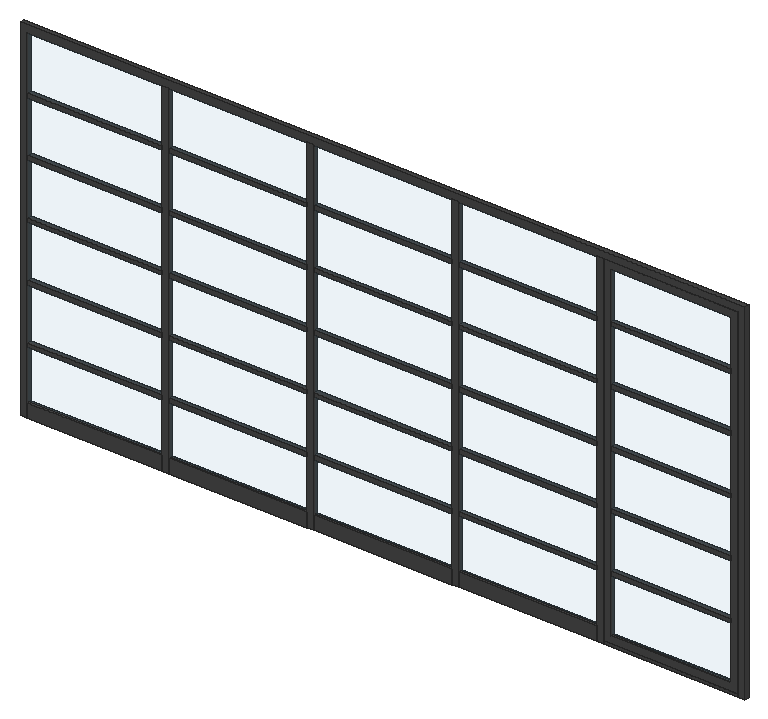
Revit family "DAL_A3-TAS05-(4)", category Doors, host Wall, Revit 2016
Family settings
  Host = Wall
  Always vertical = Yes
  Cut with Voids When Loaded = No
  Shared = No
  Room Calculation Point = No
Parameters (values of type "TAS05")
  Hand [instance] = ""
  Function = Interior
  Frame Projection Ext. = 25 mm
  Frame Projection Int. = 25 mm
  Frame Width = 75 mm
  Height = 2550 mm
  Wall Closure = By host
  Width = 5250 mm
  Description = "Purpose Made"
  Construction Type = "TAS05"
  Assembly Code = ""
Reference planes
  plane 1 "Center Wall": y = 0
  plane 2 "Center (Left/Right)": x = 0
  plane 3 "Left": x = -2625
  plane 4 "Right": x = 2625
  plane 5: z = 2550
  plane 6 "Exterior": y = 172.5
  plane 7 "Interior": y = -172.5
  plane 8: x = 1575
  plane 9: x = -1575
  plane 10: z = 1285
  plane 11: z = 1690
  plane 12: z = 2095
  plane 13: z = 475
  plane 14: z = 880
  plane 15: z = 2500
  plane 16: z = 70
  plane 17: x = -525
  plane 18: x = 525
Forms (mm)
  Sweep 1, solid, material "Aluminium"
    path origin (0, 0, 0) x (1, 0, 0) y (0, 0, 1)
      loop
        line (2625, 0) -> (2625, 2550) -> (-2625, 2550) -> (-2625, 0)
    profile origin (0, 0, 2550) x (0, 0, -1) y (0, -1, 0)
      loop
        line (0, -15) -> (50, -15) -> (50, 15) -> (0, 15) -> (0, -15)
  Sweep 2, solid, material "Aluminium"
    path origin (0, 0, 0) x (1, 0, 0) y (0, 0, 1)
      loop
        line (1550, 0) -> (550, 0)
    profile origin (1050, 0, 0) x (0, 0, -1) y (0, -1, 0)
      loop
        line (0, -15) -> (0, 15) -> (-100, 15) -> (-100, -15) -> (0, -15)
  Sweep 3, solid, material "Aluminium"
    path origin (0, 0, 0) x (1, 0, 0) y (0, 0, 1)
      loop
        line (1575, 2500) -> (1575, 0)
    profile origin (1575, 0, 1250) x (0, -1, 0) y (1, 0, 0)
      loop
        line (-15, 25) -> (-15, -25) -> (15, -25) -> (15, 25) -> (-15, 25)
  Sweep 4, solid, material "Aluminium"
    path origin (-2100, 0, 0) x (1, 0, 0) y (0, 0, 1)
      loop
        line (500, 0) -> (-475, 0)
    profile origin (-2087.5, 0, 0) x (0, 0, -1) y (0, -1, 0)
      loop
        line (0, -15) -> (0, 15) -> (-100, 15) -> (-100, -15) -> (0, -15)
  Sweep 5, solid, material "Aluminium"
    path origin (-525, 0, 0) x (1, 0, 0) y (0, 0, 1)
      loop
        line (1050, 2500) -> (1050, 0)
    profile origin (525, 0, 1250) x (0, -1, 0) y (1, 0, 0)
      loop
        line (-15, 25) -> (-15, -25) -> (15, -25) -> (15, 25) -> (-15, 25)
  Sweep 6, solid, material "Aluminium"
    path origin (-2100, 0, 0) x (1, 0, 0) y (0, 0, 1)
      loop
        line (525, 2500) -> (525, 0)
    profile origin (-1575, 0, 1250) x (0, -1, 0) y (1, 0, 0)
      loop
        line (-15, 25) -> (-15, -25) -> (15, -25) -> (15, 25) -> (-15, 25)
  Sweep 7, solid, material "Aluminium"
    path origin (1025, 0, 0) x (1, 0, 0) y (0, 0, 1)
      loop
        line (1550, 0) -> (575, 0)
    profile origin (2087.5, 0, 0) x (0, 0, -1) y (0, -1, 0)
      loop
        line (0, -15) -> (0, 15) -> (-20, 15) -> (-20, -15) -> (0, -15)
  Sweep 8, solid, material "Aluminium"
    path origin (0, 0, 0) x (1, 0, 0) y (0, 0, 1)
      loop
        line (2575, 2500) -> (1600, 2500) -> (1600, 20) -> (2575, 20) -> (2575, 2500)
    profile origin (2087.5, 0, 2500) x (0, 0, -1) y (0, -1, 0)
      loop
        line (0, -15) -> (50, -15) -> (50, 15) -> (0, 15) -> (0, -15)
  Sweep 9, solid, material "Aluminium"
    path origin (0, 0, 0) x (1, 0, 0) y (0, 0, 1)
      loop
        line (2525, 2095) -> (1650, 2095)
    profile origin (2087.5, 0, 2095) x (0, 0, -1) y (0, -1, 0)
      loop
        line (15, -15) -> (15, 15) -> (-15, 15) -> (-15, -15) -> (15, -15)
  Sweep 10, solid, material "Aluminium"
    path origin (-975, 0, 0) x (1, 0, 0) y (0, 0, 1)
      loop
        line (2525, 2095) -> (1525, 2095)
    profile origin (1050, 0, 2095) x (0, 0, -1) y (0, -1, 0)
      loop
        line (15, -15) -> (15, 15) -> (-15, 15) -> (-15, -15) -> (15, -15)
  Sweep 11, solid, material "Aluminium"
    path origin (-3075, 0, 0) x (1, 0, 0) y (0, 0, 1)
      loop
        line (1475, 2095) -> (500, 2095)
    profile origin (-2087.5, 0, 2095) x (0, 0, -1) y (0, -1, 0)
      loop
        line (15, -15) -> (15, 15) -> (-15, 15) -> (-15, -15) -> (15, -15)
  Sweep 12, solid, material "Aluminium"
    path origin (0, 0, -400) x (1, 0, 0) y (0, 0, 1)
      loop
        line (2525, 2090) -> (1650, 2090)
    profile origin (2087.5, 0, 1690) x (0, 0, -1) y (0, -1, 0)
      loop
        line (15, -15) -> (15, 15) -> (-15, 15) -> (-15, -15) -> (15, -15)
  Sweep 13, solid, material "Aluminium"
    path origin (-3075, 0, -400) x (1, 0, 0) y (0, 0, 1)
      loop
        line (1475, 2090) -> (500, 2090)
    profile origin (-2087.5, 0, 1690) x (0, 0, -1) y (0, -1, 0)
      loop
        line (15, -15) -> (15, 15) -> (-15, 15) -> (-15, -15) -> (15, -15)
  Sweep 14, solid, material "Aluminium"
    path origin (0, 0, -800) x (1, 0, 0) y (0, 0, 1)
      loop
        line (2525, 2085) -> (1650, 2085)
    profile origin (2087.5, 0, 1285) x (0, 0, -1) y (0, -1, 0)
      loop
        line (15, -15) -> (15, 15) -> (-15, 15) -> (-15, -15) -> (15, -15)
  Sweep 15, solid, material "Aluminium"
    path origin (-3075, 0, -800) x (1, 0, 0) y (0, 0, 1)
      loop
        line (1475, 2085) -> (500, 2085)
    profile origin (-2087.5, 0, 1285) x (0, 0, -1) y (0, -1, 0)
      loop
        line (15, -15) -> (15, 15) -> (-15, 15) -> (-15, -15) -> (15, -15)
  Sweep 16, solid, material "Aluminium"
    path origin (0, 0, -1200) x (1, 0, 0) y (0, 0, 1)
      loop
        line (2525, 2080) -> (1650, 2080)
    profile origin (2087.5, 0, 880) x (0, 0, -1) y (0, -1, 0)
      loop
        line (15, -15) -> (15, 15) -> (-15, 15) -> (-15, -15) -> (15, -15)
  Sweep 17, solid, material "Aluminium"
    path origin (-3075, 0, -1200) x (1, 0, 0) y (0, 0, 1)
      loop
        line (1475, 2080) -> (500, 2080)
    profile origin (-2087.5, 0, 880) x (0, 0, -1) y (0, -1, 0)
      loop
        line (15, -15) -> (15, 15) -> (-15, 15) -> (-15, -15) -> (15, -15)
  Sweep 18, solid, material "Aluminium"
    path origin (0, 0, -1600) x (1, 0, 0) y (0, 0, 1)
      loop
        line (2525, 2075) -> (1650, 2075)
    profile origin (2087.5, 0, 475) x (0, 0, -1) y (0, -1, 0)
      loop
        line (15, -15) -> (15, 15) -> (-15, 15) -> (-15, -15) -> (15, -15)
  Sweep 19, solid, material "Aluminium"
    path origin (-3075, 0, -1600) x (1, 0, 0) y (0, 0, 1)
      loop
        line (1475, 2075) -> (500, 2075)
    profile origin (-2087.5, 0, 475) x (0, 0, -1) y (0, -1, 0)
      loop
        line (15, -15) -> (15, 15) -> (-15, 15) -> (-15, -15) -> (15, -15)
  Extrusion 20, solid, material "Glass"
    sketch origin (0, 0, 0) x (1, 0, 0) y (0, 0, 1)
      loop
        line (2525, 70) -> (2525, 2450) -> (1650, 2450) -> (1650, 70) -> (2525, 70)
    from -6 to 6
  Extrusion 21, solid, material "Glass"
    sketch origin (-975, 0, 50) x (1, 0, 0) y (0, 0, 1)
      loop
        line (2525, 50) -> (2525, 2450) -> (-1600, 2450) -> (-1600, 50) -> (2525, 50)
    from -6 to 6
  Sweep 22, solid, material "Aluminium"
    path origin (-1575, 0, 0) x (1, 0, 0) y (0, 0, 1)
      loop
        line (1050, 2500) -> (1050, 0)
    profile origin (-525, 0, 1250) x (0, -1, 0) y (1, 0, 0)
      loop
        line (-15, 25) -> (-15, -25) -> (15, -25) -> (15, 25) -> (-15, 25)
  Sweep 23, solid, material "Aluminium"
    path origin (-2025, 0, 0) x (1, 0, 0) y (0, 0, 1)
      loop
        line (2525, 2095) -> (1525, 2095)
    profile origin (0, 0, 2095) x (0, 0, -1) y (0, -1, 0)
      loop
        line (15, -15) -> (15, 15) -> (-15, 15) -> (-15, -15) -> (15, -15)
  Sweep 24, solid, material "Aluminium"
    path origin (-3075, 0, 0) x (1, 0, 0) y (0, 0, 1)
      loop
        line (2525, 2095) -> (1525, 2095)
    profile origin (-1050, 0, 2095) x (0, 0, -1) y (0, -1, 0)
      loop
        line (15, -15) -> (15, 15) -> (-15, 15) -> (-15, -15) -> (15, -15)
  Sweep 25, solid, material "Aluminium"
    path origin (-975, 0, -405) x (1, 0, 0) y (0, 0, 1)
      loop
        line (2525, 2095) -> (1525, 2095)
    profile origin (1050, 0, 1690) x (0, 0, -1) y (0, -1, 0)
      loop
        line (15, -15) -> (15, 15) -> (-15, 15) -> (-15, -15) -> (15, -15)
  Sweep 26, solid, material "Aluminium"
    path origin (-2025, 0, -405) x (1, 0, 0) y (0, 0, 1)
      loop
        line (2525, 2095) -> (1525, 2095)
    profile origin (0, 0, 1690) x (0, 0, -1) y (0, -1, 0)
      loop
        line (15, -15) -> (15, 15) -> (-15, 15) -> (-15, -15) -> (15, -15)
  Sweep 27, solid, material "Aluminium"
    path origin (-3075, 0, -405) x (1, 0, 0) y (0, 0, 1)
      loop
        line (2525, 2095) -> (1525, 2095)
    profile origin (-1050, 0, 1690) x (0, 0, -1) y (0, -1, 0)
      loop
        line (15, -15) -> (15, 15) -> (-15, 15) -> (-15, -15) -> (15, -15)
  Sweep 28, solid, material "Aluminium"
    path origin (-975, 0, -810) x (1, 0, 0) y (0, 0, 1)
      loop
        line (2525, 2095) -> (1525, 2095)
    profile origin (1050, 0, 1285) x (0, 0, -1) y (0, -1, 0)
      loop
        line (15, -15) -> (15, 15) -> (-15, 15) -> (-15, -15) -> (15, -15)
  Sweep 29, solid, material "Aluminium"
    path origin (-2025, 0, -810) x (1, 0, 0) y (0, 0, 1)
      loop
        line (2525, 2095) -> (1525, 2095)
    profile origin (0, 0, 1285) x (0, 0, -1) y (0, -1, 0)
      loop
        line (15, -15) -> (15, 15) -> (-15, 15) -> (-15, -15) -> (15, -15)
  Sweep 30, solid, material "Aluminium"
    path origin (-3075, 0, -810) x (1, 0, 0) y (0, 0, 1)
      loop
        line (2525, 2095) -> (1525, 2095)
    profile origin (-1050, 0, 1285) x (0, 0, -1) y (0, -1, 0)
      loop
        line (15, -15) -> (15, 15) -> (-15, 15) -> (-15, -15) -> (15, -15)
  Sweep 31, solid, material "Aluminium"
    path origin (-975, 0, -1215) x (1, 0, 0) y (0, 0, 1)
      loop
        line (2525, 2095) -> (1525, 2095)
    profile origin (1050, 0, 880) x (0, 0, -1) y (0, -1, 0)
      loop
        line (15, -15) -> (15, 15) -> (-15, 15) -> (-15, -15) -> (15, -15)
  Sweep 32, solid, material "Aluminium"
    path origin (-2025, 0, -1215) x (1, 0, 0) y (0, 0, 1)
      loop
        line (2525, 2095) -> (1525, 2095)
    profile origin (0, 0, 880) x (0, 0, -1) y (0, -1, 0)
      loop
        line (15, -15) -> (15, 15) -> (-15, 15) -> (-15, -15) -> (15, -15)
  Sweep 33, solid, material "Aluminium"
    path origin (-3075, 0, -1215) x (1, 0, 0) y (0, 0, 1)
      loop
        line (2525, 2095) -> (1525, 2095)
    profile origin (-1050, 0, 880) x (0, 0, -1) y (0, -1, 0)
      loop
        line (15, -15) -> (15, 15) -> (-15, 15) -> (-15, -15) -> (15, -15)
  Sweep 34, solid, material "Aluminium"
    path origin (-975, 0, -1620) x (1, 0, 0) y (0, 0, 1)
      loop
        line (2525, 2095) -> (1525, 2095)
    profile origin (1050, 0, 475) x (0, 0, -1) y (0, -1, 0)
      loop
        line (15, -15) -> (15, 15) -> (-15, 15) -> (-15, -15) -> (15, -15)
  Sweep 35, solid, material "Aluminium"
    path origin (-2025, 0, -1620) x (1, 0, 0) y (0, 0, 1)
      loop
        line (2525, 2095) -> (1525, 2095)
    profile origin (0, 0, 475) x (0, 0, -1) y (0, -1, 0)
      loop
        line (15, -15) -> (15, 15) -> (-15, 15) -> (-15, -15) -> (15, -15)
  Sweep 36, solid, material "Aluminium"
    path origin (-3075, 0, -1620) x (1, 0, 0) y (0, 0, 1)
      loop
        line (2525, 2095) -> (1525, 2095)
    profile origin (-1050, 0, 475) x (0, 0, -1) y (0, -1, 0)
      loop
        line (15, -15) -> (15, 15) -> (-15, 15) -> (-15, -15) -> (15, -15)
  Sweep 37, solid, material "Aluminium"
    path origin (-1050, 0, 0) x (1, 0, 0) y (0, 0, 1)
      loop
        line (1550, 0) -> (550, 0)
    profile origin (0, 0, 0) x (0, 0, -1) y (0, -1, 0)
      loop
        line (0, -15) -> (0, 15) -> (-100, 15) -> (-100, -15) -> (0, -15)
  Sweep 38, solid, material "Aluminium"
    path origin (-2100, 0, 0) x (1, 0, 0) y (0, 0, 1)
      loop
        line (1550, 0) -> (550, 0)
    profile origin (-1050, 0, 0) x (0, 0, -1) y (0, -1, 0)
      loop
        line (0, -15) -> (0, 15) -> (-100, 15) -> (-100, -15) -> (0, -15)
Lines and regions (mm)
  Opening 1
    outline origin (-3050, -172.5, 0) x (1, 0, 0) y (0, 0, 1)
      loop
        line (425, 0) -> (5675, 0) -> (5675, 2550) -> (425, 2550) -> (425, 0)
  symbolic lines, style "Elevation Swing"
    curve 1: line (2525, 0, 2450) -> (1650, 0, 1260)
    curve 2: line (1650, 0, 1260) -> (2525, 0, 70)
  symbolic lines, style "DoorsFrameMullionProjection"
    curve 3: line (-2575, 15, 0) -> (-2625, 15, 0)
    curve 4: line (-2575, -15, 0) -> (-2575, 15, 0)
    curve 5: line (-2625, -15, 0) -> (-2575, -15, 0)
    curve 6: line (-2625, 15, 0) -> (-2625, -15, 0)
    curve 7: line (-1600, -15, 0) -> (-1550, -15, 0)
    curve 8: line (-1600, 15, 0) -> (-1600, -15, 0)
    curve 9: line (-1550, 15, 0) -> (-1600, 15, 0)
    curve 10: line (-1550, -15, 0) -> (-1550, 15, 0)
    curve 11: line (-550, -15, 0) -> (-500, -15, 0)
    curve 12: line (-550, 15, 0) -> (-550, -15, 0)
    curve 13: line (-500, 15, 0) -> (-550, 15, 0)
    curve 14: line (-500, -15, 0) -> (-500, 15, 0)
    curve 15: line (500, -15, 0) -> (550, -15, 0)
    curve 16: line (500, 15, 0) -> (500, -15, 0)
    curve 17: line (550, 15, 0) -> (500, 15, 0)
    curve 18: line (550, -15, 0) -> (550, 15, 0)
    curve 19: line (1550, -15, 0) -> (1600, -15, 0)
    curve 20: line (1550, 15, 0) -> (1550, -15, 0)
    curve 21: line (1600, 15, 0) -> (1550, 15, 0)
    curve 22: line (1600, -15, 0) -> (1600, 15, 0)
    curve 23: line (2575, -15, 0) -> (2625, -15, 0)
    curve 24: line (2575, 15, 0) -> (2575, -15, 0)
    curve 25: line (2625, 15, 0) -> (2575, 15, 0)
    curve 26: line (2625, -15, 0) -> (2625, 15, 0)
    curve 27: line (-1600, 15, 0) -> (-2575, 15, 0)
    curve 28: line (-2575, -15, 0) -> (-1600, -15, 0)
    curve 29: line (-1550, -15, 0) -> (-550, -15, 0)
    curve 30: line (-550, 15, 0) -> (-1550, 15, 0)
    curve 31: line (-500, -15, 0) -> (500, -15, 0)
    curve 32: line (500, 15, 0) -> (-500, 15, 0)
    curve 33: line (550, -15, 0) -> (1550, -15, 0)
    curve 34: line (1550, 15, 0) -> (550, 15, 0)
    curve 35: line (2575, 15, 0) -> (1600, 15, 0)
    curve 36: line (1600, -15, 0) -> (2575, -15, 0)
    curve 37: line (2460.137, 983.675, 0) -> (2490.023, 986.29, 0)
    curve 38: line (2575, 15, 0) -> (2545.114, 12.385, 0)
    curve 39: line (2460.137, 983.675, 0) -> (2464.495, 933.865, 0)
    curve 40: line (2490.023, 986.29, 0) -> (2460.137, 983.675, 0)
    curve 41: line (2494.381, 936.48, 0) -> (2490.023, 986.29, 0)
    curve 42: line (2464.495, 933.865, 0) -> (2494.381, 936.48, 0)
    curve 43: line (2545.114, 12.385, 0) -> (2540.756, 62.195, 0)
    curve 44: line (2575, 15, 0) -> (2545.114, 12.385, 0)
    curve 45: line (2570.642, 64.81, 0) -> (2575, 15, 0)
    curve 46: line (2540.756, 62.195, 0) -> (2570.642, 64.81, 0)
    curve 47: line (2570.642, 64.81, 0) -> (2494.381, 936.48, 0)
    curve 48: line (2464.495, 933.865, 0) -> (2540.756, 62.195, 0)
  symbolic lines, style "Plan Swing"
    curve 49: arc (2534.103, 989.142, 0) -> (1852.114, 669.263, 0) -> (1601.618, -41.148, 0) r 975
Text (mm)
  text "Exterior" at (-2295.016, 1099.543, 0), in view "Ref. Level"
  text "Exterior" at (0, 1615.38, 3698.081), in view "Left"
  text "Exterior" at (0, 1036.032, 3874.932), in view "Right"
Dimensions and locks
  equal spacing: plane 3 "Left", plane 2 "Center (Left/Right)", plane 4 "Right"
  "Width": plane 3 "Left" to plane 4 "Right"
  "Height": plane 5 to host wall
  host wall to plane 5 = 2550 mm  (x2)
  locked: plane 6 "Exterior" to host wall at 0
  locked: plane 7 "Interior" to host wall
  plane 3 "Left" to plane 4 "Right" = 5250 mm
  plane 3 "Left" to plane 9 to plane 17 to plane 18 to plane 8 to plane 4 "Right" = 1050 mm, 1050 mm, 1050 mm, 1050 mm, 1050 mm
  Sweep 1 to Sweep 1 = 50 mm
  equal spacing: plane 16, plane 13, plane 14, plane 10, plane 11, plane 12, plane 15
  aligned and locked: plane 3 "Left" to Opening 1 sketch curve
  aligned and locked: plane 5 to Opening 1 sketch curve  (x2)
  aligned and locked: Opening 1 sketch curve to plane 4 "Right"
  aligned and locked: Opening 1 sketch curve to level
  aligned and locked: host wall to plane 1 "Center Wall"
  aligned: Extrusion 21 to Sweep 1
Automatic sketch dimensions
  Sweep 1 sketch curve to plane 3 "Left" = 0 mm
  Sweep 1 sketch curve to plane 4 "Right" = 0 mm
  Sweep 1 sketch curve to level = 0 mm  (x2)
  Sweep 1 sketch curve to plane 5 = 0 mm
  Sweep 1 sketch curve to profile plane = 0 mm
  Sweep 1 sketch curve to plane 1 "Center Wall" = 15 mm
  Sweep 1 sketch curve to profile plane = 50 mm
  plane 1 "Center Wall" to Sweep 1 sketch curve = 15 mm
  Sweep 2 sketch curve to level = 0 mm
  plane 18 to Sweep 2 sketch curve = 25 mm
  plane 8 to Sweep 2 sketch curve = 25 mm
  Sweep 2 sketch curve to profile plane = 0 mm
  plane 1 "Center Wall" to Sweep 2 sketch curve = 15 mm
  profile plane to Sweep 2 sketch curve = 100 mm
  Sweep 2 sketch curve to plane 1 "Center Wall" = 15 mm
  Sweep 3 sketch curve to level = 0 mm
  Sweep 3 sketch curve to plane 8 = 0 mm
  Sweep 3 sketch curve to plane 15 = 0 mm
  Sweep 3 sketch curve to plane 1 "Center Wall" = 15 mm
  plane 1 "Center Wall" to Sweep 3 sketch curve = 15 mm
  profile plane to Sweep 3 sketch curve = 25 mm
  Sweep 3 sketch curve to profile plane = 25 mm
  Sweep 4 sketch curve to level = 0 mm
  Sweep 4 sketch curve to plane 3 "Left" = 50 mm
  plane 9 to Sweep 4 sketch curve = 25 mm
  Sweep 4 sketch curve to profile plane = 0 mm
  plane 1 "Center Wall" to Sweep 4 sketch curve = 15 mm
  profile plane to Sweep 4 sketch curve = 100 mm
  Sweep 4 sketch curve to plane 1 "Center Wall" = 15 mm
  Sweep 5 sketch curve to level = 0 mm
  Sweep 5 sketch curve to plane 18 = 0 mm
  Sweep 5 sketch curve to plane 15 = 0 mm
  Sweep 5 sketch curve to plane 1 "Center Wall" = 15 mm
  plane 1 "Center Wall" to Sweep 5 sketch curve = 15 mm
  profile plane to Sweep 5 sketch curve = 25 mm
  Sweep 5 sketch curve to profile plane = 25 mm
  Sweep 6 sketch curve to level = 0 mm
  Sweep 6 sketch curve to plane 9 = 0 mm
  Sweep 6 sketch curve to plane 15 = 0 mm
  Sweep 6 sketch curve to plane 1 "Center Wall" = 15 mm
  plane 1 "Center Wall" to Sweep 6 sketch curve = 15 mm
  profile plane to Sweep 6 sketch curve = 25 mm
  Sweep 6 sketch curve to profile plane = 25 mm
  Sweep 7 sketch curve to level = 0 mm
  Sweep 7 sketch curve to plane 8 = 25 mm
  plane 4 "Right" to Sweep 7 sketch curve = 50 mm
  Sweep 7 sketch curve to profile plane = 0 mm
  profile plane to Sweep 7 sketch curve = 20 mm
  Sweep 7 sketch curve to plane 1 "Center Wall" = 15 mm
  plane 1 "Center Wall" to Sweep 7 sketch curve = 15 mm
  Sweep 8 sketch curve to plane 15 = 0 mm
  Sweep 8 sketch curve to plane 8 = 25 mm
  level to Sweep 8 sketch curve = 20 mm
  plane 4 "Right" to Sweep 8 sketch curve = 50 mm
  Sweep 8 sketch curve to profile plane = 0 mm
  Sweep 8 sketch curve to plane 1 "Center Wall" = 15 mm
  Sweep 8 sketch curve to profile plane = 50 mm
  plane 1 "Center Wall" to Sweep 8 sketch curve = 15 mm
  Sweep 9 sketch curve to plane 12 = 0 mm
  Sweep 9 sketch curve to plane 8 = 75 mm
  plane 4 "Right" to Sweep 9 sketch curve = 100 mm
  profile plane to Sweep 9 sketch curve = 15 mm
  Sweep 9 sketch curve to profile plane = 15 mm
  Sweep 9 sketch curve to plane 1 "Center Wall" = 15 mm
  plane 1 "Center Wall" to Sweep 9 sketch curve = 15 mm
  Sweep 10 sketch curve to plane 12 = 0 mm
  plane 18 to Sweep 10 sketch curve = 25 mm
  plane 8 to Sweep 10 sketch curve = 25 mm
  profile plane to Sweep 10 sketch curve = 15 mm
  Sweep 10 sketch curve to profile plane = 15 mm
  Sweep 10 sketch curve to plane 1 "Center Wall" = 15 mm
  plane 1 "Center Wall" to Sweep 10 sketch curve = 15 mm
  Sweep 11 sketch curve to plane 12 = 0 mm
  Sweep 11 sketch curve to plane 3 "Left" = 50 mm
  plane 9 to Sweep 11 sketch curve = 25 mm
  profile plane to Sweep 11 sketch curve = 15 mm
  Sweep 11 sketch curve to profile plane = 15 mm
  Sweep 11 sketch curve to plane 1 "Center Wall" = 15 mm
  plane 1 "Center Wall" to Sweep 11 sketch curve = 15 mm
  Sweep 12 sketch curve to plane 11 = 0 mm
  Sweep 12 sketch curve to plane 8 = 75 mm
  plane 4 "Right" to Sweep 12 sketch curve = 100 mm
  profile plane to Sweep 12 sketch curve = 15 mm
  Sweep 12 sketch curve to profile plane = 15 mm
  Sweep 12 sketch curve to plane 1 "Center Wall" = 15 mm
  plane 1 "Center Wall" to Sweep 12 sketch curve = 15 mm
  Sweep 13 sketch curve to plane 11 = 0 mm
  Sweep 13 sketch curve to plane 3 "Left" = 50 mm
  plane 9 to Sweep 13 sketch curve = 25 mm
  profile plane to Sweep 13 sketch curve = 15 mm
  Sweep 13 sketch curve to profile plane = 15 mm
  Sweep 13 sketch curve to plane 1 "Center Wall" = 15 mm
  plane 1 "Center Wall" to Sweep 13 sketch curve = 15 mm
  Sweep 14 sketch curve to plane 10 = 0 mm
  Sweep 14 sketch curve to plane 8 = 75 mm
  plane 4 "Right" to Sweep 14 sketch curve = 100 mm
  profile plane to Sweep 14 sketch curve = 15 mm
  Sweep 14 sketch curve to profile plane = 15 mm
  Sweep 14 sketch curve to plane 1 "Center Wall" = 15 mm
  plane 1 "Center Wall" to Sweep 14 sketch curve = 15 mm
  Sweep 15 sketch curve to plane 10 = 0 mm
  Sweep 15 sketch curve to plane 3 "Left" = 50 mm
  plane 9 to Sweep 15 sketch curve = 25 mm
  profile plane to Sweep 15 sketch curve = 15 mm
  Sweep 15 sketch curve to profile plane = 15 mm
  Sweep 15 sketch curve to plane 1 "Center Wall" = 15 mm
  plane 1 "Center Wall" to Sweep 15 sketch curve = 15 mm
  Sweep 16 sketch curve to plane 14 = 0 mm
  Sweep 16 sketch curve to plane 8 = 75 mm
  plane 4 "Right" to Sweep 16 sketch curve = 100 mm
  profile plane to Sweep 16 sketch curve = 15 mm
  Sweep 16 sketch curve to profile plane = 15 mm
  Sweep 16 sketch curve to plane 1 "Center Wall" = 15 mm
  plane 1 "Center Wall" to Sweep 16 sketch curve = 15 mm
  Sweep 17 sketch curve to plane 14 = 0 mm
  Sweep 17 sketch curve to plane 3 "Left" = 50 mm
  plane 9 to Sweep 17 sketch curve = 25 mm
  profile plane to Sweep 17 sketch curve = 15 mm
  Sweep 17 sketch curve to profile plane = 15 mm
  Sweep 17 sketch curve to plane 1 "Center Wall" = 15 mm
  plane 1 "Center Wall" to Sweep 17 sketch curve = 15 mm
  Sweep 18 sketch curve to plane 13 = 0 mm
  Sweep 18 sketch curve to plane 8 = 75 mm
  plane 4 "Right" to Sweep 18 sketch curve = 100 mm
  profile plane to Sweep 18 sketch curve = 15 mm
  Sweep 18 sketch curve to profile plane = 15 mm
  Sweep 18 sketch curve to plane 1 "Center Wall" = 15 mm
  plane 1 "Center Wall" to Sweep 18 sketch curve = 15 mm
  Sweep 19 sketch curve to plane 13 = 0 mm
  Sweep 19 sketch curve to plane 3 "Left" = 50 mm
  plane 9 to Sweep 19 sketch curve = 25 mm
  profile plane to Sweep 19 sketch curve = 15 mm
  Sweep 19 sketch curve to profile plane = 15 mm
  Sweep 19 sketch curve to plane 1 "Center Wall" = 15 mm
  plane 1 "Center Wall" to Sweep 19 sketch curve = 15 mm
  curve 2 to plane 16 = 0 mm
  curve 1 to plane 10 = 25 mm
  curve 1 to plane 8 = 75 mm
  plane 4 "Right" to curve 2 = 100 mm
  plane 4 "Right" to curve 1 = 100 mm
  curve 1 to plane 15 = 50 mm
  Extrusion 20 sketch curve to plane 16 = 0 mm
  Extrusion 20 sketch curve to plane 8 = 75 mm
  plane 4 "Right" to Extrusion 20 sketch curve = 100 mm
  Extrusion 20 sketch curve to plane 15 = 50 mm
  Extrusion 21 sketch curve to plane 15 = 0 mm
  plane 16 to Extrusion 21 sketch curve = 30 mm
  plane 9 to Extrusion 21 sketch curve = 1000 mm
  plane 8 to Extrusion 21 sketch curve = 25 mm
  Sweep 22 sketch curve to level = 0 mm
  Sweep 22 sketch curve to plane 17 = 0 mm
  Sweep 22 sketch curve to plane 15 = 0 mm
  Sweep 22 sketch curve to plane 1 "Center Wall" = 15 mm
  plane 1 "Center Wall" to Sweep 22 sketch curve = 15 mm
  profile plane to Sweep 22 sketch curve = 25 mm
  Sweep 22 sketch curve to profile plane = 25 mm
  Sweep 23 sketch curve to plane 12 = 0 mm
  Sweep 23 sketch curve to plane 17 = 25 mm
  Sweep 23 sketch curve to plane 18 = 25 mm
  profile plane to Sweep 23 sketch curve = 15 mm
  Sweep 23 sketch curve to profile plane = 15 mm
  Sweep 23 sketch curve to plane 1 "Center Wall" = 15 mm
  plane 1 "Center Wall" to Sweep 23 sketch curve = 15 mm
  Sweep 24 sketch curve to plane 12 = 0 mm
  Sweep 24 sketch curve to plane 9 = 25 mm
  plane 17 to Sweep 24 sketch curve = 25 mm
  profile plane to Sweep 24 sketch curve = 15 mm
  Sweep 24 sketch curve to profile plane = 15 mm
  Sweep 24 sketch curve to plane 1 "Center Wall" = 15 mm
  plane 1 "Center Wall" to Sweep 24 sketch curve = 15 mm
  Sweep 25 sketch curve to plane 11 = 0 mm
  plane 18 to Sweep 25 sketch curve = 25 mm
  plane 8 to Sweep 25 sketch curve = 25 mm
  profile plane to Sweep 25 sketch curve = 15 mm
  Sweep 25 sketch curve to profile plane = 15 mm
  Sweep 25 sketch curve to plane 1 "Center Wall" = 15 mm
  plane 1 "Center Wall" to Sweep 25 sketch curve = 15 mm
  Sweep 26 sketch curve to plane 11 = 0 mm
  Sweep 26 sketch curve to plane 17 = 25 mm
  Sweep 26 sketch curve to plane 18 = 25 mm
  profile plane to Sweep 26 sketch curve = 15 mm
  Sweep 26 sketch curve to profile plane = 15 mm
  Sweep 26 sketch curve to plane 1 "Center Wall" = 15 mm
  plane 1 "Center Wall" to Sweep 26 sketch curve = 15 mm
  Sweep 27 sketch curve to plane 11 = 0 mm
  Sweep 27 sketch curve to plane 9 = 25 mm
  plane 17 to Sweep 27 sketch curve = 25 mm
  profile plane to Sweep 27 sketch curve = 15 mm
  Sweep 27 sketch curve to profile plane = 15 mm
  Sweep 27 sketch curve to plane 1 "Center Wall" = 15 mm
  plane 1 "Center Wall" to Sweep 27 sketch curve = 15 mm
  Sweep 28 sketch curve to plane 10 = 0 mm
  plane 18 to Sweep 28 sketch curve = 25 mm
  plane 8 to Sweep 28 sketch curve = 25 mm
  profile plane to Sweep 28 sketch curve = 15 mm
  Sweep 28 sketch curve to profile plane = 15 mm
  Sweep 28 sketch curve to plane 1 "Center Wall" = 15 mm
  plane 1 "Center Wall" to Sweep 28 sketch curve = 15 mm
  Sweep 29 sketch curve to plane 10 = 0 mm
  Sweep 29 sketch curve to plane 17 = 25 mm
  Sweep 29 sketch curve to plane 18 = 25 mm
  profile plane to Sweep 29 sketch curve = 15 mm
  Sweep 29 sketch curve to profile plane = 15 mm
  Sweep 29 sketch curve to plane 1 "Center Wall" = 15 mm
  plane 1 "Center Wall" to Sweep 29 sketch curve = 15 mm
  Sweep 30 sketch curve to plane 10 = 0 mm
  Sweep 30 sketch curve to plane 9 = 25 mm
  plane 17 to Sweep 30 sketch curve = 25 mm
  profile plane to Sweep 30 sketch curve = 15 mm
  Sweep 30 sketch curve to profile plane = 15 mm
  Sweep 30 sketch curve to plane 1 "Center Wall" = 15 mm
  plane 1 "Center Wall" to Sweep 30 sketch curve = 15 mm
  Sweep 31 sketch curve to plane 14 = 0 mm
  plane 18 to Sweep 31 sketch curve = 25 mm
  plane 8 to Sweep 31 sketch curve = 25 mm
  profile plane to Sweep 31 sketch curve = 15 mm
  Sweep 31 sketch curve to profile plane = 15 mm
  Sweep 31 sketch curve to plane 1 "Center Wall" = 15 mm
  plane 1 "Center Wall" to Sweep 31 sketch curve = 15 mm
  Sweep 32 sketch curve to plane 14 = 0 mm
  Sweep 32 sketch curve to plane 17 = 25 mm
  Sweep 32 sketch curve to plane 18 = 25 mm
  profile plane to Sweep 32 sketch curve = 15 mm
  Sweep 32 sketch curve to profile plane = 15 mm
  Sweep 32 sketch curve to plane 1 "Center Wall" = 15 mm
  plane 1 "Center Wall" to Sweep 32 sketch curve = 15 mm
  Sweep 33 sketch curve to plane 14 = 0 mm
  Sweep 33 sketch curve to plane 9 = 25 mm
  plane 17 to Sweep 33 sketch curve = 25 mm
  profile plane to Sweep 33 sketch curve = 15 mm
  Sweep 33 sketch curve to profile plane = 15 mm
  Sweep 33 sketch curve to plane 1 "Center Wall" = 15 mm
  plane 1 "Center Wall" to Sweep 33 sketch curve = 15 mm
  Sweep 34 sketch curve to plane 13 = 0 mm
  plane 18 to Sweep 34 sketch curve = 25 mm
  plane 8 to Sweep 34 sketch curve = 25 mm
  profile plane to Sweep 34 sketch curve = 15 mm
  Sweep 34 sketch curve to profile plane = 15 mm
  Sweep 34 sketch curve to plane 1 "Center Wall" = 15 mm
  plane 1 "Center Wall" to Sweep 34 sketch curve = 15 mm
  Sweep 35 sketch curve to plane 13 = 0 mm
  Sweep 35 sketch curve to plane 17 = 25 mm
  Sweep 35 sketch curve to plane 18 = 25 mm
  profile plane to Sweep 35 sketch curve = 15 mm
  Sweep 35 sketch curve to profile plane = 15 mm
  Sweep 35 sketch curve to plane 1 "Center Wall" = 15 mm
  plane 1 "Center Wall" to Sweep 35 sketch curve = 15 mm
  Sweep 36 sketch curve to plane 13 = 0 mm
  Sweep 36 sketch curve to plane 9 = 25 mm
  plane 17 to Sweep 36 sketch curve = 25 mm
  profile plane to Sweep 36 sketch curve = 15 mm
  Sweep 36 sketch curve to profile plane = 15 mm
  Sweep 36 sketch curve to plane 1 "Center Wall" = 15 mm
  plane 1 "Center Wall" to Sweep 36 sketch curve = 15 mm
  Sweep 37 sketch curve to level = 0 mm
  Sweep 37 sketch curve to plane 17 = 25 mm
  Sweep 37 sketch curve to plane 18 = 25 mm
  Sweep 37 sketch curve to profile plane = 0 mm
  plane 1 "Center Wall" to Sweep 37 sketch curve = 15 mm
  Sweep 37 sketch curve to Sweep 37 sketch curve = 100 mm
  Sweep 37 sketch curve to plane 1 "Center Wall" = 15 mm
  Sweep 38 sketch curve to level = 0 mm
  Sweep 38 sketch curve to plane 9 = 25 mm
  plane 17 to Sweep 38 sketch curve = 25 mm
  Sweep 38 sketch curve to profile plane = 0 mm
  plane 1 "Center Wall" to Sweep 38 sketch curve = 15 mm
  profile plane to Sweep 38 sketch curve = 100 mm
  Sweep 38 sketch curve to plane 1 "Center Wall" = 15 mm
  curve 3 to plane 3 "Left" = 0 mm
  curve 25 to plane 4 "Right" = 0 mm
  host wall to curve 5 = 15 mm
  curve 5 to curve 5 = 50 mm
  plane 9 to curve 8 = 25 mm
  curve 10 to plane 9 = 25 mm
  plane 17 to curve 12 = 25 mm
  curve 13 to plane 17 = 25 mm
  curve 17 to plane 18 = 25 mm
  plane 18 to curve 18 = 25 mm
  plane 8 to curve 19 = 25 mm
  curve 21 to plane 8 = 25 mm
  plane 4 "Right" to curve 37 = 164.863 mm
  curve 37 to curve 48 = 4.358 mm
  curve 37 to curve 40 = 29.886 mm
  plane 4 "Right" to curve 48 = 84.244 mm
  curve 43 to host wall = 12.385 mm
  curve 43 to curve 43 = 4.358 mm
  curve 49 to curve 24 = 0 mm  (x2)
  curve 21 to host wall = 15 mm
  curve 19 to curve 49 = 1.618 mm
  curve 37 to curve 49 = 44.08 mm
  radius of curve 49 = 975 mm
